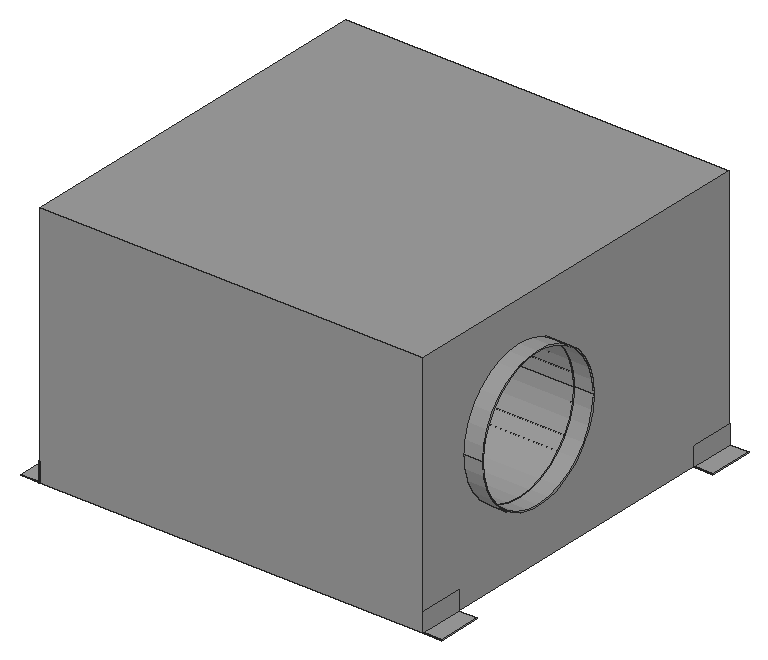
Revit family "BIMLIB_КанальныйВентилятор_ICF-VIM_SHUFT", category Оборудование, Revit 2017
Family settings
  Размер круглого соединителя = Использовать диаметр
  Тип детали = Вставляется
  На основе рабочей плоскости = Нет
  Всегда вертикально = Да
  При загрузке вырезать с полостями = Нет
  Общий = Нет
  Точка расчета площади = Нет
Parameters (values of type "ICFE 250 VIM")
  Ширина клеммной коробки = 85 mm
  Повернуть УГО [instance] = yes
  Описание = "Корпус вентиляторов серии ICF VIM изготовлен из оцинкованной листовой стали с 50-мм слоем звуко- и теплоизоляции. Откидная крышка на петлях легко открывается, что упрощает обслуживание вентилятора.\r\n\r\nВентиляторы оборудованы высокоэффективной крыльчаткой с вперед загнутыми лопатками и асинхронным двигателем с внешним ротором, клеммная коробка. Рабочее колесо установлено методом напрессовки непосредственно на ротор электродвигателя. Электродвигатель с рабочим колесом статически и динамически сбалансированы в двух плоскостях. Шариковые подшипники двигателя не требуют техобслуживания. Двигатели имеют встроенное термореле с автоматическим перезапуском (кроме ICFE 250 VIM, ICFE 315 VIM, ICFE 400 VIM).\r\n\r\nРегулирование скорости вентилятора осуществляется путем изменения напряжения за счет использования пятиступенчатых трансформаторов TR или однофазных плавных регуляторов скорости SRE. К одному регулятору можно подключить несколько вентиляторов при условии, что общий ток вентиляторов не превышает номинальный ток регулятора.\r\n\r\nВ двигатели вентиляторов ICFE 250, ICFE 315, ICFE 400 встроены защитные термоконтакты, требующие подключения внешнего защитного термореле. В случае применения пятиступенчатых регуляторов скорости TRE-T дополнительное защитное термореле не нужно."  # constant formula
  Климатическое исполнение = "У2"  # constant formula
  Изготовитель = "ООО «Завод ВКО» марка SHUFT"  # constant formula
  Глубина клеммной коробки = 85 mm
  Высота клеммной коробки = 40 mm
  r1 = r + 1 mm  # 126 mm
  r = D / 2  # 125 mm
  Watermark [instance] = "Модели защищены уникальным кодом"
  W = ADSK_Размер_Ширина  # 694 mm
  URL = "http://www.shuft.ru/"
  N = 249 mm
  M = 218 mm
  L = ADSK_Размер_Длина  # 694 mm
  IP Двигателя = "IP54"
  H = ADSK_Размер_Высота  # 446 mm
  F = 614 mm
  E = 734 mm
  D = 250 mm
  BL_Разработано = "support@bimlib.pro"  # constant formula
  BL_Email = "bimmodels@rusklimat.ru"  # constant formula
  BL_BIM library = "https://bimlib.pro/manufacturer/company/23829"
  ADSK_Частота вращения вентилятора = 1390
  ADSK_Ток = 4 A
  ADSK_Расход воздуха [instance] = 0.0 L/s
  ADSK_Размер_Ширина = 694 mm
  ADSK_Размер_Длина = 694 mm
  ADSK_Размер_Диаметр = D  # 250 mm
  ADSK_Размер_Высота = 446 mm
  ADSK_Примечание [instance] = ""
  ADSK_Потеря давления воздуха [instance] = 0.0 Pa
  ADSK_Полная мощность = ADSK_Номинальная мощность / ADSK_Коэффициент мощности  # 0.91 kW
  ADSK_Позиция = ""
  ADSK_Обозначение = ""
  ADSK_Номинальная мощность = 0.91 kW
  ADSK_Напряжение = 230 V  # constant formula
  ADSK_Наименование = "Канальный вентилятор ICFE 250 VIM"
  ADSK_Материал = BIMLIB_Сталь_SHUFT
  ADSK_Масса = 41
  ADSK_Марка = "ICFE 250 VIM"
  ADSK_Коэффициент мощности = 1
  ADSK_Количество фаз = 1  # constant formula
  ADSK_Код изделия = ADSK_Марка  # "ICFE 250 VIM"
  ADSK_Классификация нагрузок = Прочее
  ADSK_Завод-изготовитель = "ООО «Завод ВКО» марка SHUFT"  # constant formula
  ADSK_Единица измерения = "шт."  # constant formula
  ADSK_Версия семейства = "v.1"  # constant formula
  ADSK_Версия Revit = "2017"  # constant formula
  ADSK_URL страницы изделия = "http://www.shuft.ru/catalog/1/200/3000/4010/"
  ADSK_URL документации изделия = "http://www.shuft.ru/upload/downloads/passport-CFs_TUBE_CFk-VIM_CFk%20MAX_ICF-VIM.pdf"
Types (7, lengths in mm): name | Ширина клеммной коробки | Повернуть УГО | Глубина клеммной коробки | Высота клеммной коробки | r1 | r | W | N | M | L | IP Двигателя | H | F | E | D | ADSK_Частота вращения вентилятора | ADSK_Ток | ADSK_Размер_Ширина | ADSK_Размер_Длина | ADSK_Размер_Диаметр | ADSK_Размер_Высота | ADSK_Полная мощность | ADSK_Номинальная мощность | ADSK_Наименование | ADSK_Масса | ADSK_Марка | ADSK_Код изделия
  (no name) | 85 | yes | 85 | 40 | 126 | 125 | 694 | 249 | 218 | 694 | "IP54" | 446 | 614 | 734 | 250 | 1390 | 4 A | 694 | 694 | 250 | 446 | 0.91 kW | 0.91 kW | "Канальный вентилятор ICFE 250 VIM" | 41 | "ICFE 250 VIM" | "ICFE 250 VIM"
  ICFE 125 VIM | 85 | yes | 85 | 40 | 63.5 | 62.5 | 410 | 143 | 130 | 400 | "IP44" | 246 | 330 | 440 | 125 | 2480 | 0.73 A | 410 | 400 | 125 | 246 | 0.17 kW | 0.17 kW | "Канальный вентилятор ICFE 125 VIM" | 13 | "ICFE 125 VIM" | "ICFE 125 VIM"
  ICFE 160 VIM | 85 | yes | 85 | 40 | 81 | 80 | 410 | 143 | 149 | 400 | "IP44" | 246 | 330 | 440 | 160 | 2130 | 1.1 A | 410 | 400 | 160 | 246 | 0.26 kW | 0.26 kW | "Канальный вентилятор ICFE 160 VIM" | 14 | "ICFE 160 VIM" | "ICFE 160 VIM"
  ICFE 200 VIM | 85 | yes | 85 | 40 | 101 | 100 | 560 | 230 | 170 | 600 | "IP44" | 366 | 480 | 640 | 200 | 2642 | 0.58 A | 560 | 600 | 200 | 366 | 0.123 kW | 0.123 kW | "Канальный вентилятор ICFE 200 VIM" | 28 | "ICFE 200 VIM" | "ICFE 200 VIM"
  ICFE 250 VIM | 85 | yes | 85 | 40 | 126 | 125 | 694 | 249 | 218 | 694 | "IP54" | 446 | 614 | 734 | 250 | 1390 | 4 A | 694 | 694 | 250 | 446 | 0.91 kW | 0.91 kW | "Канальный вентилятор ICFE 250 VIM" | 41 | "ICFE 250 VIM" | "ICFE 250 VIM"
  ICFE 315 VIM | 85 | no | 85 | 40 | 158.5 | 157.5 | 694 | 249 | 218 | 694 | "IP54" | 446 | 614 | 734 | 315 | 1350 | 5.5 A | 694 | 694 | 315 | 446 | 1.25 kW | 1.25 kW | "Канальный вентилятор ICFE 315 VIM" | 45 | "ICFE 315 VIM" | "ICFE 315 VIM"
  ICFE 400 VIM | 120 | no | 80 | 50 | 201 | 200 | 768 | 285 | 252 | 768 | "IP54" | 516 | 688 | 808 | 400 | 1380 | 7.8 A | 768 | 768 | 400 | 516 | 1.8 kW | 1.8 kW | "Канальный вентилятор ICFE 400 VIM" | 62 | "ICFE 400 VIM" | "ICFE 400 VIM"
Reference planes
  plane 1 "По центру (Вперед/Назад)": y = 0
  plane 2: z = 0
  plane 3 "По центру (Влево/Вправо)": x = 0
  plane 4: y = -218
  plane 5: z = -249
  plane 6: y = 129
  plane 7: y = 476
  plane 8: z = -26
  plane 9: z = 197
  plane 10: x = 347
  plane 11: x = -347
  plane 12: x = -367
  plane 13: x = 367
  plane 14: x = -382
  plane 15: x = 382
  plane 16: y = 436
  plane 17: y = -178
  plane 18: y = 396
  plane 19: y = -138
  plane 20: z = -214
  plane 21: y = 426
  plane 22: y = 341
  plane 23: z = 42.5
  plane 24: z = -42.5
  plane 25: x = -387
Forms (mm)
  Extrusion 1, solid, material "BIMLIB_Сталь_SHUFT" <- "ADSK_Материал", detail levels medium+fine
    sketch origin (0, 0, 0) x (0, 1, 0) y (0, 0, 1)
      loop
        line (-218, 197) -> (-218, -249) -> (476, -249) -> (476, 197) -> (-218, 197)
      loop
        circle (0, 0) r 125
    from -347 to 347
  Extrusion 2, solid, material "BIMLIB_Сталь_SHUFT" <- "ADSK_Материал", detail levels medium+fine
    sketch origin (0, 0, 0) x (0, 1, 0) y (0, 0, 1)
      loop
        circle (0, 0) r 125
      loop
        circle (0, 0) r 126
    from -382 to 382
  Extrusion 3, solid, material "BIMLIB_Сталь_SHUFT" <- "ADSK_Материал", detail levels medium+fine
    sketch origin (0, 0, 0) x (1, 0, 0) y (0, 1, 0)
      loop
        line (-382, 476) -> (-382, 396) -> (-347, 396) -> (-347, 476) -> (-382, 476)
    from -249 to -248
  Extrusion 4, solid, material "BIMLIB_Сталь_SHUFT" <- "ADSK_Материал", detail levels medium+fine
    sketch origin (0, 0, 0) x (-1, 0, 0) y (0, -1, 0)
      loop
        line (-382, -476) -> (-347, -476) -> (-347, -396) -> (-382, -396) -> (-382, -476)
    from -249 to -248
  Extrusion 5, solid, material "BIMLIB_Сталь_SHUFT" <- "ADSK_Материал", detail levels medium+fine
    sketch origin (0, 150, 0) x (1, 0, 0) y (0, 1, 0)
      loop
        line (-382, -368) -> (-347, -368) -> (-347, -288) -> (-382, -288) -> (-382, -368)
    from -249 to -248
  Extrusion 6, solid, material "BIMLIB_Сталь_SHUFT" <- "ADSK_Материал", detail levels medium+fine
    sketch origin (0, 150, 0) x (-1, 0, 0) y (0, -1, 0)
      loop
        line (-382, 368) -> (-382, 288) -> (-347, 288) -> (-347, 368) -> (-382, 368)
    from -249 to -248
  Extrusion 7, solid, material "BIMLIB_Сталь_SHUFT" <- "ADSK_Материал", detail levels medium+fine
    sketch origin (0, 0, 0) x (1, 0, 0) y (0, 1, 0)
      loop
        line (-347, 476) -> (-348, 476) -> (-348, 396) -> (-347, 396) -> (-347, 476)
    from -249 to -214
  Extrusion 8, solid, material "BIMLIB_Сталь_SHUFT" <- "ADSK_Материал", detail levels medium+fine
    sketch origin (0, 0, 0) x (-1, 0, 0) y (0, -1, 0)
      loop
        line (-347, -476) -> (-347, -396) -> (-348, -396) -> (-348, -476) -> (-347, -476)
    from -249 to -214
  Extrusion 9, solid, material "BIMLIB_Сталь_SHUFT" <- "ADSK_Материал", detail levels medium+fine
    sketch origin (0, 150, 0) x (1, 0, 0) y (0, 1, 0)
      loop
        line (-347, -368) -> (-347, -288) -> (-348, -288) -> (-348, -368) -> (-347, -368)
    from -249 to -214
  Extrusion 10, solid, material "BIMLIB_Сталь_SHUFT" <- "ADSK_Материал", detail levels medium+fine
    sketch origin (0, 150, 0) x (-1, 0, 0) y (0, -1, 0)
      loop
        line (-347, 368) -> (-348, 368) -> (-348, 288) -> (-347, 288) -> (-347, 368)
    from -249 to -214
  Extrusion 11, solid, material "BIMLIB_Сталь_SHUFT" <- "ADSK_Материал", detail levels medium+fine
    sketch origin (0, 0, 0) x (0, 1, 0) y (0, 0, 1)
      loop
        line (426, 42.5) -> (341, 42.5) -> (341, -42.5) -> (426, -42.5) -> (426, 42.5)
    from -387 to -347
Dimensions and locks
  "M": plane 4 to plane 1 "По центру (Вперед/Назад)"
  "N": level to plane 5
  "W": plane 4 to plane 7
  equal spacing: plane 4, plane 6, plane 7
  "H": plane 9 to plane 5
  equal spacing: plane 9, plane 8, plane 5
  "L": plane 10 to plane 11
  equal spacing: plane 10, plane 3 "По центру (Влево/Вправо)", plane 11
  "E": plane 13 to plane 12
  equal spacing: plane 13, plane 3 "По центру (Влево/Вправо)", plane 12
  locked: plane 12 to plane 14 at 15
  locked: plane 15 to plane 13 at 15
  "F": plane 17 to plane 16
  locked: plane 18 to plane 16 at 40
  locked: plane 17 to plane 19 at 40
  equal spacing: plane 17, plane 6, plane 16
  locked: Extrusion 5 to plane 5 at 1
  locked: Extrusion 6 to plane 5 at 1
  locked: Extrusion 7 to plane 11 at 1
  locked: plane 10 to Extrusion 8 at 1
  locked: plane 10 to Extrusion 10 at 1
  locked: Extrusion 9 to plane 11 at 1
  locked: plane 20 to plane 5 at 35
  locked: plane 7 to plane 21 at 50
  "Ширина клеммной коробки": plane 21 to plane 22
  "Глубина клеммной коробки": plane 23 to plane 24
  equal spacing: plane 23, level, plane 24
  "Высота клеммной коробки": plane 11 to plane 25
  "r": radius of Extrusion 1 sketch curve
  "r1": radius of Extrusion 2 sketch curve
  "r": radius of Extrusion 2 sketch curve
  aligned and locked: level to plane 2
  aligned and locked: Extrusion 1 sketch curve to plane 9
  aligned and locked: Extrusion 1 sketch curve to plane 4
  aligned and locked: plane 5 to Extrusion 1 sketch curve
  aligned and locked: plane 7 to Extrusion 1 sketch curve
  aligned and locked: Extrusion 1 to plane 11
  aligned and locked: plane 10 to Extrusion 1
  aligned and locked: Extrusion 2 to plane 14
  aligned and locked: plane 15 to Extrusion 2
  aligned and locked: plane 7 to Extrusion 3 sketch curve
  aligned and locked: plane 14 to Extrusion 3 sketch curve
  aligned and locked: Extrusion 3 sketch curve to plane 18
  aligned and locked: Extrusion 3 sketch curve to plane 11
  aligned and locked: Extrusion 5 to plane 5
  aligned and locked: Extrusion 3 to plane 5
  aligned and locked: Extrusion 3 to Extrusion 5
  aligned and locked: Extrusion 6 to plane 5
  aligned and locked: Extrusion 4 to plane 5
  aligned and locked: Extrusion 4 to Extrusion 6
  aligned and locked: plane 11 to Extrusion 9
  aligned and locked: plane 11 to Extrusion 7
  aligned and locked: Extrusion 8 to plane 10
  aligned and locked: Extrusion 10 to plane 10
  aligned and locked: Extrusion 10 to plane 19
  aligned and locked: plane 4 to Extrusion 10
  aligned and locked: Extrusion 8 to plane 7
  aligned and locked: plane 18 to Extrusion 8
  aligned and locked: Extrusion 7 to plane 7
  aligned and locked: plane 18 to Extrusion 7
  aligned and locked: Extrusion 9 to plane 19
  aligned and locked: plane 4 to Extrusion 9
  aligned and locked: Extrusion 10 to plane 5
  aligned and locked: Extrusion 8 to plane 5
  aligned and locked: Extrusion 8 to plane 20
  aligned and locked: Extrusion 10 to plane 20
  aligned and locked: Extrusion 9 to plane 5
  aligned and locked: Extrusion 7 to plane 5
  aligned and locked: plane 20 to Extrusion 9
  aligned and locked: plane 20 to Extrusion 7
  aligned and locked: level to nested 1
  aligned and locked: nested 1 to plane 1 "По центру (Вперед/Назад)"
  aligned and locked: nested 1 to plane 3 "По центру (Влево/Вправо)"
  aligned and locked: plane 23 to Extrusion 11 sketch curve
  aligned and locked: Extrusion 11 sketch curve to plane 21
  aligned and locked: Extrusion 11 sketch curve to plane 24
  aligned and locked: plane 22 to Extrusion 11 sketch curve
  aligned and locked: plane 11 to Extrusion 11
  aligned and locked: Extrusion 11 to plane 25
Automatic sketch dimensions
  Extrusion 4 sketch curve to plane 15 = 0 mm
  Extrusion 4 sketch curve to plane 10 = 0 mm
  plane 18 to Extrusion 4 sketch curve = 0 mm
  plane 7 to Extrusion 4 sketch curve = 0 mm
  Extrusion 5 sketch curve to plane 14 = 0 mm
  Extrusion 5 sketch curve to plane 11 = 0 mm
  plane 19 to Extrusion 5 sketch curve = 0 mm
  plane 4 to Extrusion 5 sketch curve = 0 mm
  Extrusion 6 sketch curve to plane 15 = 0 mm
  Extrusion 6 sketch curve to plane 10 = 0 mm
  plane 19 to Extrusion 6 sketch curve = 0 mm
  plane 4 to Extrusion 6 sketch curve = 0 mm
  plane 18 to Extrusion 7 sketch curve = 0 mm
  plane 7 to Extrusion 7 sketch curve = 0 mm
  Extrusion 7 sketch curve to plane 11 = 0 mm
  Extrusion 7 sketch curve to Extrusion 7 sketch curve = 1 mm
  plane 18 to Extrusion 8 sketch curve = 0 mm
  plane 7 to Extrusion 8 sketch curve = 0 mm
  Extrusion 8 sketch curve to plane 10 = 0 mm
  Extrusion 8 sketch curve to Extrusion 8 sketch curve = 1 mm
  plane 19 to Extrusion 9 sketch curve = 0 mm
  plane 4 to Extrusion 9 sketch curve = 0 mm
  Extrusion 9 sketch curve to plane 11 = 0 mm
  Extrusion 9 sketch curve to Extrusion 9 sketch curve = 1 mm
  plane 19 to Extrusion 10 sketch curve = 0 mm
  plane 4 to Extrusion 10 sketch curve = 0 mm
  Extrusion 10 sketch curve to plane 10 = 0 mm
  Extrusion 10 sketch curve to Extrusion 10 sketch curve = 1 mm
  Extrusion 1 sketch curve to level = 0 mm
  Extrusion 1 sketch curve to plane 1 "По центру (Вперед/Назад)" = 0 mm
  Extrusion 2 sketch curve to Extrusion 2 sketch curve = 0 mm  (x2)
  Extrusion 2 sketch curve to level = 0 mm
  Extrusion 2 sketch curve to plane 1 "По центру (Вперед/Назад)" = 0 mm
Nested families
  nested 1: "BIMLIB_УГО_SHUFT" at (0, 0, 0) x (-1, 0, 0) z (0, 0, 1), Высота <- "ADSK_Размер_Высота", Длина <- "ADSK_Размер_Длина", Ширина <- "ADSK_Размер_Ширина", УГО сверху <- "Повернуть УГО", type "BIMLIB_УГО_SHUFT", detail levels coarse
    with Ширина/4 173.5 mm, Ширина 694 mm, УГО спереди no, УГО сверху yes, Длина 694 mm, Высота/4 111.5 mm, Высота УГО 3д План 183 mm, Высота 446 mm
Connectors
  hvac at (347, 0, 0), driven by "D", driven by "ADSK_Расход воздуха", driven by "ADSK_Потеря давления воздуха"
    settings: on Extrusion 1, index 1, duct flow 0.0 L/s, flow factor 0, pres drop 0.0 Pa, loss coef 0, conn angle 0.00°, conn width 304.8 mm, conn height 304.8 mm, conn diameter 250 mm, duct sys type 29, conn prof type 0, flow config 0, flow direction 1, loss method 0, conn ref index 2, conn util no, is conn primary yes, conn desc "Приточный воздух"
  hvac at (-347, 0, 0), driven by "D", driven by "ADSK_Расход воздуха", driven by "ADSK_Потеря давления воздуха"
    settings: on Extrusion 1, index 2, duct flow 0.0 L/s, flow factor 0, pres drop 0.0 Pa, loss coef 0, conn angle 0.00°, conn width 304.8 mm, conn height 304.8 mm, conn diameter 250 mm, duct sys type 29, conn prof type 0, flow config 0, flow direction 2, loss method 0, conn ref index 1, conn util no, is conn primary no, conn desc "Наружный воздух"
  electrical at (-387, 383.5, 0), driven by "ADSK_Количество фаз", driven by "ADSK_Классификация нагрузок", driven by "ADSK_Напряжение", driven by "ADSK_Полная мощность", driven by "ADSK_Коэффициент мощности"
    settings: on Extrusion 11, index 4, voltage 230 V, apparent load 0.91 kW, apparent load phase1 0 kW, apparent load phase2 0 kW, apparent load phase3 0 kW, power factor 1, load classification "Прочее", number of poles 1, system type 30, power factor state 1, is connector primary yes, connector utility no, sub classification motor no, connector description "Электрический соединитель"
Definition of nested family "BIMLIB_УГО_SHUFT"
  Parameters (values of type "BIMLIB_УГО_SHUFT")
    Ширина/4 [instance] = Ширина / 4  # 105 mm
    Ширина [instance] = 420 mm
    УГО спереди [instance] = not(УГО сверху)  # no
    УГО сверху [instance] = yes
    Высота/4 [instance] = Высота / 4  # 63 mm
    Длина [instance] = 810 mm
    Высота УГО 3д План [instance] = 126 mm
    Высота 1 = 252 mm
    Высота [instance] = 252 mm
  Reference planes
    plane 1 "По центру (Вперед/Назад)": y = 0
    plane 2: z = 0
    plane 3 "По центру (Влево/Вправо)": x = 0
    plane 4: x = -405
    plane 5: x = 405
    plane 6: y = 210
    plane 7: y = -210
    plane 8: z = 126
    plane 9: z = 63
    plane 10: y = 105
    plane 11: y = -105
    plane 12 "УГО": z = 126
    plane 13: z = -63
    plane 14: z = -126
  Lines and regions (mm)
    model lines, visible <- "УГО спереди", detail levels coarse
      curve 1: line (-405, 0, 126) -> (-405, 0, -126)
      curve 2: line (-405, 0, -126) -> (405, 0, -126)
      curve 3: line (405, 0, -126) -> (405, 0, 126)
      curve 4: line (405, 0, 126) -> (-405, 0, 126)
      curve 20: line (-17.124, 0, -46.976) -> (-17.124, 0, 46.976)
      curve 21: line (-17.124, 0, 46.976) -> (50, 0, 0)
      curve 22: circle (0, 0, 0) r 50 normal (0, -1, 0)
      curve 23: line (50, 0, 0) -> (-17.124, 0, -46.976)
    model lines, visible <- "УГО сверху", detail levels coarse
      curve 5: line (-405, 210, 0) -> (-405, -210, 0)
      curve 6: line (-405, -210, 0) -> (405, -210, 0)
      curve 7: line (405, -210, 0) -> (405, 210, 0)
      curve 8: line (405, 210, 0) -> (-405, 210, 0)
      curve 9: line (-38.707, 60.625, 0) -> (71.928, 0, 0)
      curve 10: line (71.928, 0, 0) -> (-38.707, -60.625, 0)
      curve 11: line (-38.707, -60.625, 0) -> (-38.707, 60.625, 0)
      curve 24: circle (0, 0, 0) r 71.928 normal (0, 0, 1)
    symbolic lines, detail levels coarse
      curve 12: line (-405, 0, 126) -> (-405, 0, -126)
      curve 13: line (-405, 0, -126) -> (405, 0, -126)
      curve 14: line (405, 0, -126) -> (405, 0, 126)
      curve 15: line (405, 0, 126) -> (-405, 0, 126)
      curve 16: line (-405, 210, 0) -> (-405, -210, 0)
      curve 17: line (-405, -210, 0) -> (405, -210, 0)
      curve 18: line (405, -210, 0) -> (405, 210, 0)
      curve 19: line (405, 210, 0) -> (-405, 210, 0)
      curve 25: circle (0, 0, 0) r 71.928 normal (0, 0, 1)
      curve 26: line (-38.707, 60.625, 0) -> (-38.707, -60.625, 0)
      curve 27: line (-38.707, -60.625, 0) -> (71.928, 0, 0)
      curve 28: line (71.928, 0, 0) -> (-38.707, 60.625, 0)
      curve 29: circle (0, 0, 0) r 50 normal (0, -1, 0)
      curve 30: line (50, 0, 0) -> (-17.101, 0, 46.985)
      curve 31: line (-17.101, 0, 46.985) -> (-17.101, 0, -46.985)
      curve 32: line (50, 0, 0) -> (-17.101, 0, -46.985)
  Dimensions and locks
    equal spacing: plane 4, plane 3 "По центру (Влево/Вправо)", plane 5
    "Длина": plane 4 to plane 5
    "Ширина": plane 7 to plane 6
    equal spacing: plane 6, plane 10, plane 1 "По центру (Вперед/Назад)", plane 11, plane 7
    "Высота": plane 12 "УГО" to plane 14
    equal spacing: plane 12 "УГО", plane 9, level, plane 13, plane 14
    aligned and locked: level to plane 2
    aligned and locked: plane 8 to curve 15
    aligned and locked: curve 5 to plane 4
    aligned and locked: plane 5 to curve 7
    aligned and locked: plane 14 to curve 13
    aligned and locked: plane 12 "УГО" to curve 15
  Automatic sketch dimensions
    curve 24 to curve 25 = 0 mm  (x2)
    plane 1 "По центру (Вперед/Назад)" to curve 25 = 0 mm
    curve 25 to plane 3 "По центру (Влево/Вправо)" = 0 mm
    plane 1 "По центру (Вперед/Назад)" to curve 28 = 0 mm
    plane 1 "По центру (Вперед/Назад)" to curve 9 = 0 mm
    plane 1 "По центру (Вперед/Назад)" to curve 27 = 0 mm
    plane 7 to curve 16 = 0 mm
    curve 19 to plane 6 = 0 mm
    curve 9 to plane 3 "По центру (Влево/Вправо)" = 38.707 mm
    plane 3 "По центру (Влево/Вправо)" to curve 9 = 71.928 mm
    curve 27 to curve 10 = 0 mm
    curve 28 to curve 9 = 0 mm
    curve 22 to curve 29 = 0 mm  (x2)
    curve 1 to plane 4 = 0 mm
    curve 29 to level = 0 mm
    curve 29 to plane 3 "По центру (Влево/Вправо)" = 0 mm
    curve 21 to level = 0 mm
    curve 32 to level = 0 mm
    curve 15 to plane 5 = 0 mm
    curve 21 to plane 3 "По центру (Влево/Вправо)" = 17.124 mm
    curve 20 to curve 30 = 0.023 mm
    plane 3 "По центру (Влево/Вправо)" to curve 21 = 50 mm
    curve 32 to curve 21 = 0 mm
    radius of curve 25 = 71.928 mm
